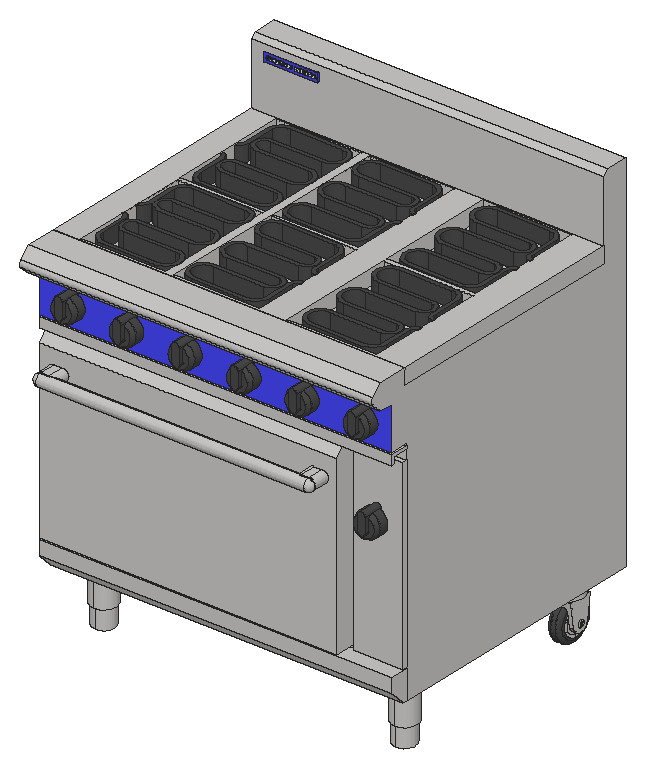
Revit family "QF_MOFFAT_BLUESEAL_CE_E506D", category Specialty Equipment, Revit 2012
Parameters
  Width = 900 mm  # constant formula
  Weight in Pounds = 429  # constant formula
  Watts = 20900 W
  Volts = 400 V
  URL Cutsheet = "www.moffat.com"
  URL = "www.moffat.com"
  Type Mark [instance] = ""
  Status [instance] = ""
  Specification by User [instance] = ""
  Specification by Manufacturer = ""
  Show Logo [instance] = yes
  Show Clearance [instance] = yes
  Show Casters [instance] = yes
  Serial Number = ""
  Seismic Rating = ""
  SMACNA No = ""
  Revision Code [instance] = ""
  Phase = 3
  Omniclass Number and Title = ""
  Number of Poles [instance] = 1
  NAFEM Spec ID Number = ""
  Model = "E506D"
  Min Ckt Ampacity = 0 A
  Max Overcurrent Protection = 0 A
  Masterspec = ""
  Manufacturer = "MOFFAT BLUESEAL"
  Legs [instance] = not(Show Casters)  # no
  Item Number [instance] = ""
  Installed By [instance] = ""
  Identify Quantity as Lot [instance] = yes
  Height = 970 mm  # constant formula
  HP = ""
  Furnished By [instance] = ""
  Foodservice Equipment Identifier [instance] = yes
  FL Amps = 20.9 A
  Electrical Remarks = "29.3A PER PHASE"
  Electric Connection Type = ""
  Elec Conn RI Height = 0 mm
  Elec Conn Connection Height = 0 mm
  Description = "900MM ELECTRIC RANGE WITH STATIC OVEN"
  Depth = 812 mm  # constant formula
  Cycle = 50 Hz
  Conn Plug = ""
  Conn Conduit = yes
  CSI MasterFormat = ""
  CSI Master Format = ""
  Body Finish = QF_Finishes_Stainless Steel
  Apparent Power = 0 VA
Reference planes
  plane 1 "BACK": y = 0
  plane 2: z = 0
  plane 3 "LEFT": x = 0
  plane 4 "RIGHT": x = 900
  plane 5 "FRONT": y = -812
  plane 6 "TOP": z = 970
  plane 7 "Center Y": x = 450
  plane 8 "Center X": y = -406
  plane 9: x = 280
  plane 10: y = -574.272
  plane 11: y = -304.972
  plane 12: y = -364.972
  plane 13: y = -812
  plane 14: x = 834.5
  plane 15: y = -32
  plane 16: z = 655
  plane 17: y = -100
  plane 18: z = 1085
  plane 19: y = -705
Forms (mm)
  Extrusion 1, solid, material "QF_Finishes_Stainless Steel" <- "Body Finish"
    sketch origin (0, 0, 0) x (0, 1, 0) y (0, 0, 1)
      loop
        line (0, 150) -> (0, 1085) -> (-57.5, 1085) -> (-70, 1072.5) -> (-70, 875) -> (-705, 875) -> (-705, 915) -> (-783.97, 915) -> (-808.476, 890.494)
        arc (-808.476, 890.494) -> (-811.994, 882) -> (-808.476, 873.506) r 12.013
        line (-808.476, 873.506) -> (-784.97, 850) -> (-749, 850) -> (-749, 740) -> (-699, 740) -> (-699, 150) -> (0, 150)
    from 0 to 900
  Extrusion 2, solid, material "QF_Finishes_Stainless Steel"
    sketch origin (0, 7, 0) x (0, 1, 0) y (0, 0, 1)
      loop
        line (-706, 700) -> (-732, 700) -> (-756, 676) -> (-756, 227.5) -> (-706, 227.5) -> (-706, 700)
    from 0 to 760
  Extrusion 3, solid, material "QF_Finishes_Stainless Steel"
    sketch origin (723.5, 7, 0) x (0, 1, 0) y (0, 0, 1)
      loop
        line (-706, 700) -> (-721, 700) -> (-721, 227.5) -> (-706, 227.5) -> (-706, 700)
    from 51.5 to 176.5
  Revolve 4, solid, material "QF_Finishes_Stainless Steel" <- "Body Finish"
    sketch origin (834.5, -696.126, 0) x (0, 1, 0) y (0, 0, -1)
      loop
        line (39.376, -150) -> (71.126, -150) -> (71.126, 0) -> (43.626, 0) -> (43.626, -50) -> (39.376, -50) -> (39.376, -150)
      axis (71.126, -150) -> (71.126, 0)
    angle from 0 to 360
  Revolve 5, solid, material "QF_Finishes_Stainless Steel" <- "Body Finish"
    sketch origin (65.5, -696.126, 0) x (0, 1, 0) y (0, 0, 1)
      loop
        line (39.376, 150) -> (39.376, 50) -> (43.626, 50) -> (43.626, 0) -> (71.126, 0) -> (71.126, 150) -> (39.376, 150)
      axis (71.126, 150) -> (71.126, 0)
    angle from 0 to 360
  Extrusion 6, solid, material "QF_Finishes_Stainless Steel"
    sketch origin (-64.5, 0, 325) x (1, 0, 0) y (0, 1, 0)
      loop
        circle (834.5, -32) r 10
    from 330 to 371
  Revolve 7, solid, material "QF_Finishes_Black"
    sketch origin (839.351, 45.874, -0.118) x (0, 1, 0) y (0, 0, 1)
      loop
        line (-827.874, 829.5) -> (-838.874, 823.651) -> (-838.874, 797) -> (-794.874, 797) -> (-794.874, 802) -> (-804.874, 802) -> (-804.874, 829.5) -> (-827.874, 829.5)
      axis (-838.874, 797) -> (-794.874, 797)
    angle from 0 to 360
  Revolve 8, solid, material "QF_Finishes_Black"
    sketch origin (689.351, 45.874, -0.118) x (0, 1, 0) y (0, 0, 1)
      loop
        line (-827.874, 829.5) -> (-838.874, 823.651) -> (-838.874, 797) -> (-794.874, 797) -> (-794.874, 802) -> (-804.874, 802) -> (-804.874, 829.5) -> (-827.874, 829.5)
      axis (-838.874, 797) -> (-794.874, 797)
    angle from 0 to 360
  Revolve 9, solid, material "QF_Finishes_Black"
    sketch origin (90.649, 45.874, -0.118) x (0, 1, 0) y (0, 0, -1)
      loop
        line (-827.874, -829.5) -> (-804.874, -829.5) -> (-804.874, -802) -> (-794.874, -802) -> (-794.874, -797) -> (-838.874, -797) -> (-838.874, -823.651) -> (-827.874, -829.5)
      axis (-838.874, -797) -> (-794.874, -797)
    angle from 0 to 360
  Revolve 10, solid, material "QF_Finishes_Black"
    sketch origin (240.649, 45.874, -0.118) x (0, 1, 0) y (0, 0, -1)
      loop
        line (-827.874, -829.5) -> (-804.874, -829.5) -> (-804.874, -802) -> (-794.874, -802) -> (-794.874, -797) -> (-838.874, -797) -> (-838.874, -823.651) -> (-827.874, -829.5)
      axis (-838.874, -797) -> (-794.874, -797)
    angle from 0 to 360
  Revolve 11, solid, material "QF_Finishes_Black"
    sketch origin (390.625, 45.874, -0.118) x (0, 1, 0) y (0, 0, -1)
      loop
        line (-827.874, -829.5) -> (-804.874, -829.5) -> (-804.874, -802) -> (-794.874, -802) -> (-794.874, -797) -> (-838.874, -797) -> (-838.874, -823.651) -> (-827.874, -829.5)
      axis (-838.874, -797) -> (-794.874, -797)
    angle from 0 to 360
  Extrusion 12, solid, material "QF_Finishes_Black"
    sketch origin (238.456, 7, -0.118) x (-1, 0, 0) y (0, 0, -1)
      loop
        arc (158.3, -789) -> (148.3, -779) -> (138.3, -789) r 10
        line (138.3, -789) -> (138.3, -824)
        arc (138.3, -824) -> (148.3, -834) -> (158.3, -824) r 10
        line (158.3, -824) -> (158.3, -789)
    from 759 to 808
  Extrusion 13, solid, material "QF_Finishes_Black"
    sketch origin (388.456, 7, -0.118) x (-1, 0, 0) y (0, 0, -1)
      loop
        arc (158.3, -789) -> (148.3, -779) -> (138.3, -789) r 10
        line (138.3, -789) -> (138.3, -824)
        arc (138.3, -824) -> (148.3, -834) -> (158.3, -824) r 10
        line (158.3, -824) -> (158.3, -789)
    from 759 to 808
  Extrusion 14, solid, material "QF_Finishes_Black"
    sketch origin (691.544, 7, -0.118) x (1, 0, 0) y (0, 0, 1)
      loop
        line (158.3, 789) -> (158.3, 824)
        arc (158.3, 824) -> (148.3, 834) -> (138.3, 824) r 10
        line (138.3, 824) -> (138.3, 789)
        arc (138.3, 789) -> (148.3, 779) -> (158.3, 789) r 10
    from 759 to 808
  Extrusion 15, solid, material "QF_Finishes_Black"
    sketch origin (541.544, 7, -0.118) x (1, 0, 0) y (0, 0, 1)
      loop
        line (158.3, 789) -> (158.3, 824)
        arc (158.3, 824) -> (148.3, 834) -> (138.3, 824) r 10
        line (138.3, 824) -> (138.3, 789)
        arc (138.3, 789) -> (148.3, 779) -> (158.3, 789) r 10
    from 759 to 808
  Extrusion 16, solid, material "QF_Finishes_Black"
    sketch origin (538.432, 7, -0.118) x (-1, 0, 0) y (0, 0, -1)
      loop
        arc (158.3, -789) -> (148.3, -779) -> (138.3, -789) r 10
        line (138.3, -789) -> (138.3, -824)
        arc (138.3, -824) -> (148.3, -834) -> (158.3, -824) r 10
        line (158.3, -824) -> (158.3, -789)
    from 759 to 808
  Extrusion 17, solid, material "QF_Finishes_Black"
    sketch origin (688.432, 7, -0.118) x (-1, 0, 0) y (0, 0, -1)
      loop
        arc (158.3, -789) -> (148.3, -779) -> (138.3, -789) r 10
        line (138.3, -789) -> (138.3, -824)
        arc (138.3, -824) -> (148.3, -834) -> (158.3, -824) r 10
        line (158.3, -824) -> (158.3, -789)
    from 759 to 808
  Revolve 18, solid, material "QF_Finishes_Black"
    sketch origin (836.851, 80.874, -245.743) x (0, 1, 0) y (0, 0, 1)
      loop
        line (-827.874, 829.5) -> (-838.874, 823.651) -> (-838.874, 797) -> (-794.874, 797) -> (-794.874, 802) -> (-804.874, 802) -> (-804.874, 829.5) -> (-827.874, 829.5)
      axis (-838.874, 797) -> (-794.874, 797)
    angle from 0 to 360
  Extrusion 19, solid, material "QF_Finishes_Black"
    sketch origin (689.044, 42, -245.743) x (1, 0, 0) y (0, 0, 1)
      loop
        line (158.3, 789) -> (158.3, 824)
        arc (158.3, 824) -> (148.3, 834) -> (138.3, 824) r 10
        line (138.3, 824) -> (138.3, 789)
        arc (138.3, 789) -> (148.3, 779) -> (158.3, 789) r 10
    from 759 to 808
  Extrusion 20, solid, material "QF_Door-Drawer Clearances", visible <- "Show Clearance", detail levels coarse
    sketch origin (0, 7, 0) x (0, -1, 0) y (0, 0, 1)
      loop
        line (756, 697.347) -> (756, 227.5) -> (1225.847, 227.5)
        arc (1225.847, 227.5) -> (1088.232, 559.732) -> (756, 697.347) r 469.847
    from 0 to -760
  Extrusion 21, void
    sketch origin (0, 0, 220) x (1, 0, 0) y (0, 1, 0)
      loop
        line (824, -87) -> (824, 0) -> (694, 0) -> (694, -39) -> (744, -87) -> (824, -87)
    from 0 to 476
  Revolve 22, solid, material "QF_Finishes_Black"
    sketch origin (540.625, 45.874, -0.118) x (0, 1, 0) y (0, 0, -1)
      loop
        line (-827.874, -829.5) -> (-804.874, -829.5) -> (-804.874, -802) -> (-794.874, -802) -> (-794.874, -797) -> (-838.874, -797) -> (-838.874, -823.651) -> (-827.874, -829.5)
      axis (-838.874, -797) -> (-794.874, -797)
    angle from 0 to 360
  Extrusion 23, solid, material "QF_Finishes_Stainless Steel"
    sketch origin (0, -749, 227.5) x (0, 0, 1) y (-1, 0, 0)
      loop
        line (380.625, -38.246) -> (380.625, -58.528)
        arc (380.625, -58.528) -> (395.625, -73.528) -> (410.625, -58.528) r 15
        line (410.625, -58.528) -> (410.625, -38.246)
        arc (410.625, -38.246) -> (395.625, -23.246) -> (380.625, -38.246) r 15
      loop
        arc (380.625, -723.039) -> (395.625, -738.039) -> (410.625, -723.039) r 15
        line (410.625, -723.039) -> (410.625, -702.757)
        arc (410.625, -702.757) -> (395.625, -687.757) -> (380.625, -702.757) r 15
        line (380.625, -702.757) -> (380.625, -723.039)
    from 0 to 44
  Revolve 24, solid, material "QF_Finishes_Stainless Steel"
    sketch origin (0, -793, 0) x (1, 0, 0) y (0, 0, 1)
      loop
        arc (738.039, 623.125) -> (733.646, 633.732) -> (723.039, 638.125) r 15
        line (723.039, 638.125) -> (38.246, 638.125)
        arc (38.246, 638.125) -> (27.64, 633.732) -> (23.246, 623.125) r 15
        line (23.246, 623.125) -> (738.039, 623.125)
      axis (738.039, 623.125) -> (23.246, 623.125)
    angle from 0 to 360
  Extrusion 25, solid, material "QF_Finishes_Stainless Steel" <- "Body Finish"
    sketch origin (0, 7, 0) x (0, 1, 0) y (0, 0, 1)
      loop
        line (-756, 710) -> (-747.224, 710) -> (-749.613, 726.999) -> (-707.93, 726.999) -> (-707.93, 734.003) -> (-756, 734.003) -> (-756, 710)
    from 0 to 900
  Extrusion 26, solid, material "QF_Finishes_Stainless Steel" <- "Body Finish"
    sketch origin (0, 4.73, 0) x (0, 1, 0) y (0, 0, 1)
      loop
        line (-753.73, 222.5) -> (-753.73, 186) -> (-717.73, 150) -> (-703.73, 150) -> (-703.73, 222.5) -> (-753.73, 222.5)
    from 0 to 900
  Extrusion 27, solid, material "QF_Finishes_Stainless Steel", visible <- "Show Casters"
    sketch origin (71.501, 133.353, -8.783) x (0, 1, 0) y (0, 0, 1)
      loop
        line (-201.603, 118.783) -> (-265.103, 118.783) -> (-252.746, 53.895)
        arc (-252.746, 53.895) -> (-233.353, 38.783) -> (-213.959, 53.895) r 20
        line (-213.959, 53.895) -> (-201.603, 118.783)
    from -35.667 to 22.923
  Revolve 28, solid, material "QF_Finishes_Stainless Steel", visible <- "Show Casters"
    sketch origin (65, -203, 0) x (0, 1, 0) y (0, 0, 1)
      loop
        line (67.25, 150) -> (67.25, 110) -> (103, 110) -> (103, 150) -> (67.25, 150)
      axis (103, 150) -> (103, 110)
    angle from 0 to 360
  Revolve 29, solid, material "QF_Finishes_Stainless Steel", visible <- "Show Casters"
    sketch origin (834.5, -203, 0) x (0, 1, 0) y (0, 0, -1)
      loop
        line (67.25, -150) -> (103, -150) -> (103, -110) -> (67.25, -110) -> (67.25, -150)
      axis (103, -150) -> (103, -110)
    angle from 0 to 360
  Revolve 30, solid, material "QF_Finishes_Stainless Steel", visible <- "Show Casters"
    sketch origin (785.276, -99.755, -13.653) x (1, 0, 0) y (0, 0, 1)
      loop
        line (14.841, 64.453) -> (83.584, 64.453) -> (83.584, 67.958) -> (82.314, 69.228) -> (80.79, 69.228) -> (80.79, 72.674) -> (68.644, 72.674) -> (68.644, 82.639) -> (65.088, 84.692) -> (63.738, 93.028) -> (65.881, 93.028) -> (65.881, 99.378) -> (65.088, 99.378) -> (65.088, 105.728)
        arc (65.088, 105.728) -> (62.298, 112.463) -> (55.563, 115.253) r 9.525
        line (55.563, 115.253) -> (42.863, 115.253)
        arc (42.863, 115.253) -> (36.127, 112.463) -> (33.338, 105.728) r 9.525
        line (33.338, 105.728) -> (33.338, 99.378) -> (32.544, 99.378) -> (32.544, 93.028) -> (34.687, 93.028) -> (33.352, 84.781) -> (29.782, 82.719) -> (29.782, 72.674) -> (17.635, 72.674) -> (17.635, 69.228) -> (16.111, 69.228) -> (14.841, 67.958) -> (14.841, 64.453)
      axis (14.841, 64.453) -> (83.584, 64.453)
    angle from 0 to 360
  Extrusion 31, solid, material "QF_Finishes_Stainless Steel", visible <- "Show Casters"
    sketch origin (841.001, 133.353, -8.783) x (0, 1, 0) y (0, 0, 1)
      loop
        line (-201.603, 118.783) -> (-265.103, 118.783) -> (-252.746, 53.895)
        arc (-252.746, 53.895) -> (-233.353, 38.783) -> (-213.959, 53.895) r 20
        line (-213.959, 53.895) -> (-201.603, 118.783)
    from -35.667 to 22.923
  Revolve 32, solid, material "QF_Finishes_Stainless Steel", visible <- "Legs"
    sketch origin (65, -165, 0) x (0, 1, 0) y (0, 0, 1)
      loop
        line (33.25, 150) -> (33.25, 50) -> (37.5, 50) -> (37.5, 0) -> (65, 0) -> (65, 150) -> (33.25, 150)
      axis (65, 150) -> (65, 0)
    angle from 0 to 360
  Revolve 33, solid, material "QF_Finishes_Stainless Steel", visible <- "Legs"
    sketch origin (834.5, -165, 0) x (0, 1, 0) y (0, 0, -1)
      loop
        line (33.25, -150) -> (65, -150) -> (65, 0) -> (37.5, 0) -> (37.5, -50) -> (33.25, -50) -> (33.25, -150)
      axis (65, -150) -> (65, 0)
    angle from 0 to 360
  Revolve 34, solid, material "QF_Finishes_Stainless Steel", visible <- "Show Casters"
    sketch origin (114.224, -99.755, -13.653) x (-1, 0, 0) y (0, 0, -1)
      loop
        line (14.841, -64.453) -> (14.841, -67.958) -> (16.111, -69.228) -> (17.635, -69.228) -> (17.635, -72.674) -> (29.782, -72.674) -> (29.782, -82.719) -> (33.352, -84.781) -> (34.687, -93.028) -> (32.544, -93.028) -> (32.544, -99.378) -> (33.338, -99.378) -> (33.338, -105.728)
        arc (33.338, -105.728) -> (36.127, -112.463) -> (42.863, -115.253) r 9.525
        line (42.863, -115.253) -> (55.563, -115.253)
        arc (55.563, -115.253) -> (62.298, -112.463) -> (65.088, -105.728) r 9.525
        line (65.088, -105.728) -> (65.088, -99.378) -> (65.881, -99.378) -> (65.881, -93.028) -> (63.738, -93.028) -> (65.088, -84.692) -> (68.644, -82.639) -> (68.644, -72.674) -> (80.79, -72.674) -> (80.79, -69.228) -> (82.314, -69.228) -> (83.584, -67.958) -> (83.584, -64.453) -> (14.841, -64.453)
      axis (14.841, -64.453) -> (83.584, -64.453)
    angle from 0 to 360
  Extrusion 35, solid, material "QF_Finishes_Stainless Steel"
    sketch origin (0, 0, 0) x (1, 0, 0) y (0, 1, 0)
      loop
        circle (826, -501) r 6.35
    from 150 to 147.817
Cuts and joins
  Extrusion 21 cuts Extrusion 1
Lines and regions (mm)
  Split face 1
    outline origin (900, 0, 1085) x (-1, 0, 0) y (0, -1, 0)
      loop
        arc (867.206, 18.385) -> (875.866, 23.385) -> (875.866, 33.385) r 10
        line (875.866, 33.385) -> (871.824, 40.385)
        arc (871.824, 40.385) -> (868.164, 44.045) -> (863.164, 45.385) r 10
        line (863.164, 45.385) -> (635.206, 45.385)
        arc (635.206, 45.385) -> (626.545, 40.385) -> (626.545, 30.385) r 10
        line (626.545, 30.385) -> (630.587, 23.385)
        arc (630.587, 23.385) -> (634.247, 19.725) -> (639.247, 18.385) r 10
        line (639.247, 18.385) -> (867.206, 18.385)
  Split face 2
    outline origin (900, 0, 1085) x (-1, 0, 0) y (0, -1, 0)
      loop
        arc (567.206, 18.385) -> (575.866, 23.385) -> (575.866, 33.385) r 10
        line (575.866, 33.385) -> (571.824, 40.385)
        arc (571.824, 40.385) -> (568.164, 44.045) -> (563.164, 45.385) r 10
        line (563.164, 45.385) -> (335.206, 45.385)
        arc (335.206, 45.385) -> (326.545, 40.385) -> (326.545, 30.385) r 10
        line (326.545, 30.385) -> (330.587, 23.385)
        arc (330.587, 23.385) -> (334.247, 19.725) -> (339.247, 18.385) r 10
        line (339.247, 18.385) -> (567.206, 18.385)
  Split face 3
    outline origin (900, 0, 1085) x (-1, 0, 0) y (0, -1, 0)
      loop
        arc (35.206, 45.385) -> (26.545, 40.385) -> (26.545, 30.385) r 10
        line (26.545, 30.385) -> (30.587, 23.385)
        arc (30.587, 23.385) -> (34.247, 19.725) -> (39.247, 18.385) r 10
        line (39.247, 18.385) -> (267.206, 18.385)
        arc (267.206, 18.385) -> (275.866, 23.385) -> (275.866, 33.385) r 10
        line (275.866, 33.385) -> (271.824, 40.385)
        arc (271.824, 40.385) -> (268.164, 44.045) -> (263.164, 45.385) r 10
        line (263.164, 45.385) -> (35.206, 45.385)
  symbolic lines
    curve 1: line (0, 0, 0) -> (0, -812, 0)
    curve 2: line (900, 0, 0) -> (0, 0, 0)
    curve 3: line (900, -812, 0) -> (900, 0, 0)
    curve 4: line (0, -70, 0) -> (900, -70, 0)
    curve 5: line (900, -812, 0) -> (0, -812, 0)
    curve 6: line (900, -705, 0) -> (0, -705, 0)
    curve 7: arc (22.65, -812, 0) -> (34.104, -822.278, 0) -> (48.889, -826.544, 0) r 34.455
    curve 8: line (48.889, -826.544, 0) -> (721.858, -826.544, 0)
    curve 9: arc (721.858, -826.544, 0) -> (736.403, -822.647, 0) -> (747.05, -812, 0) r 29.089
    curve 13: line (32.794, -18.385, 0) -> (260.753, -18.385, 0)
    curve 14: arc (260.753, -18.385, 0) -> (265.753, -19.725, 0) -> (269.413, -23.385, 0) r 10
    curve 15: line (269.413, -23.385, 0) -> (273.455, -30.385, 0)
    curve 16: arc (273.455, -30.385, 0) -> (273.455, -40.385, 0) -> (264.794, -45.385, 0) r 10
    curve 17: line (264.794, -45.385, 0) -> (36.836, -45.385, 0)
    curve 18: arc (36.836, -45.385, 0) -> (31.836, -44.045, 0) -> (28.176, -40.385, 0) r 10
    curve 19: line (28.176, -40.385, 0) -> (24.134, -33.385, 0)
    curve 20: arc (24.134, -33.385, 0) -> (24.134, -23.385, 0) -> (32.794, -18.385, 0) r 10
    curve 21: line (560.753, -18.385, 0) -> (332.794, -18.385, 0)
    curve 22: arc (332.794, -18.385, 0) -> (324.134, -23.385, 0) -> (324.134, -33.385, 0) r 10
    curve 23: line (324.134, -33.385, 0) -> (328.176, -40.385, 0)
    curve 24: arc (328.176, -40.385, 0) -> (331.836, -44.045, 0) -> (336.836, -45.385, 0) r 10
    curve 25: line (336.836, -45.385, 0) -> (564.794, -45.385, 0)
    curve 26: arc (564.794, -45.385, 0) -> (573.455, -40.385, 0) -> (573.455, -30.385, 0) r 10
    curve 27: line (573.455, -30.385, 0) -> (569.413, -23.385, 0)
    curve 28: arc (569.413, -23.385, 0) -> (565.753, -19.725, 0) -> (560.753, -18.385, 0) r 10
    curve 29: line (632.794, -18.385, 0) -> (860.753, -18.385, 0)
    curve 30: arc (860.753, -18.385, 0) -> (865.753, -19.725, 0) -> (869.413, -23.385, 0) r 10
    curve 31: line (869.413, -23.385, 0) -> (873.455, -30.385, 0)
    curve 32: arc (873.455, -30.385, 0) -> (873.455, -40.385, 0) -> (864.794, -45.385, 0) r 10
    curve 33: line (864.794, -45.385, 0) -> (636.836, -45.385, 0)
    curve 34: arc (636.836, -45.385, 0) -> (631.836, -44.045, 0) -> (628.176, -40.385, 0) r 10
    curve 35: line (628.176, -40.385, 0) -> (624.134, -33.385, 0)
    curve 36: arc (624.134, -33.385, 0) -> (624.134, -23.385, 0) -> (632.794, -18.385, 0) r 10
    curve 37: line (0, -783.97, 0) -> (900, -783.97, 0)
    curve 38: line (0, -57.5, 0) -> (900, -57.5, 0)
  symbolic lines, style "QF_Door-Drawer Clearances"
    curve 10: line (0, -1218.847, 0) -> (0, -812, 0)
    curve 11: line (0, -1218.847, 0) -> (760, -1218.847, 0)
    curve 12: line (760, -1218.847, 0) -> (760, -812, 0)
  symbolic lines, style "SpecialityEquipmentHiddenLines", visible <- "Show Casters"
    curve 39: line (106.952, -62.61, 0) -> (56.152, -150.598, 0)
    curve 40: line (79.456, -46.735, 0) -> (106.952, -62.61, 0)
    curve 41: line (28.656, -134.723, 0) -> (79.456, -46.735, 0)
    curve 42: line (56.152, -150.598, 0) -> (28.656, -134.723, 0)
    curve 43: line (866.952, -62.61, 0) -> (816.152, -150.598, 0)
    curve 44: line (839.456, -46.735, 0) -> (866.952, -62.61, 0)
    curve 45: line (788.656, -134.723, 0) -> (839.456, -46.735, 0)
    curve 46: line (816.152, -150.598, 0) -> (788.656, -134.723, 0)
Dimensions and locks
  equal spacing: plane 3 "LEFT", plane 7 "Center Y", plane 4 "RIGHT"
  "Width": plane 3 "LEFT" to plane 4 "RIGHT"
  equal spacing: plane 5 "FRONT", plane 8 "Center X", plane 1 "BACK"
  plane 5 "FRONT" to plane 1 "BACK" = 812 mm  (x2)
  equal spacing: plane 4 "RIGHT", plane 7 "Center Y", plane 3 "LEFT"
  plane 4 "RIGHT" to plane 3 "LEFT" = 900 mm
  "Height": plane 6 "TOP" to level
  plane 10 to plane 1 "BACK" = 574.272 mm
  plane 11 to plane 1 "BACK" = 304.972 mm  (x2)
  plane 9 to plane 3 "LEFT" = 280 mm
  "Depth": plane 1 "BACK" to plane 13
  plane 13 to plane 5 "FRONT" = 0 mm
  plane 6 "TOP" to plane 2 = 970 mm
  plane 2 to Extrusion 1 sketch curve = 875 mm
  locked: plane 2 to Extrusion 1 sketch curve at 915
  Revolve 30 sketch curve to Revolve 30 sketch curve = 50.8 mm
  Revolve 34 sketch curve to Revolve 34 sketch curve = 50.8 mm
  plane 18 to level = 1085 mm
  Extrusion 35 sketch curve to plane 1 "BACK" = 501 mm
  Extrusion 35 sketch curve to plane 4 "RIGHT" = 74 mm
  aligned and locked: level to plane 2
  aligned and locked: curve 3 to plane 4 "RIGHT"
Automatic sketch dimensions
  Extrusion 1 sketch curve to plane 19 = 0 mm
  Extrusion 1 sketch curve to plane 18 = 0 mm
  Extrusion 1 sketch curve to plane 1 "BACK" = 0 mm
  plane 19 to Extrusion 1 sketch curve = 44 mm
  Extrusion 1 sketch curve to plane 5 "FRONT" = 28.03 mm
  Extrusion 1 sketch curve to plane 5 "FRONT" = 27.03 mm
  Extrusion 1 sketch curve to plane 5 "FRONT" = 12.018 mm
  Extrusion 1 sketch curve to plane 5 "FRONT" = 3.524 mm  (x2)
  Extrusion 1 sketch curve to plane 19 = 6 mm
  Extrusion 1 sketch curve to plane 18 = 12.5 mm
  plane 17 to Extrusion 1 sketch curve = 30 mm
  Extrusion 1 sketch curve to Extrusion 1 sketch curve = 12.5 mm
  Extrusion 1 sketch curve to Extrusion 1 sketch curve = 41.494 mm
  Extrusion 1 sketch curve to Extrusion 1 sketch curve = 25 mm
  plane 16 to Extrusion 1 sketch curve = 85 mm
  level to Extrusion 1 sketch curve = 150 mm
  Extrusion 1 sketch curve to Extrusion 1 sketch curve = 8.494 mm
  plane 19 to Extrusion 2 sketch curve = 20 mm
  Extrusion 2 sketch curve to plane 19 = 6 mm
  level to Extrusion 2 sketch curve = 227.5 mm
  plane 19 to Extrusion 3 sketch curve = 9 mm
  Extrusion 3 sketch curve to plane 19 = 6 mm
  level to Extrusion 3 sketch curve = 227.5 mm
  plane 16 to Extrusion 3 sketch curve = 45 mm
  Revolve 4 sketch curve to level = 0 mm
  Revolve 4 sketch curve to plane 19 = 48.25 mm
  Revolve 4 sketch curve to Revolve 4 sketch curve = 4.25 mm
  Revolve 4 sketch curve to Revolve 4 sketch curve = 27.5 mm  (x2)
  level to Revolve 4 sketch curve = 50 mm
  Revolve 4 sketch curve to Revolve 4 sketch curve = 0 mm
  Revolve 4 sketch curve to Revolve 4 sketch curve = 100 mm
  Revolve 4 sketch curve to Revolve 4 sketch curve = 55 mm
  Revolve 5 sketch curve to level = 0 mm
  Revolve 5 sketch curve to plane 19 = 48.25 mm
  Revolve 5 sketch curve to Revolve 5 sketch curve = 4.25 mm
  Revolve 5 sketch curve to Revolve 5 sketch curve = 27.5 mm  (x2)
  Revolve 5 sketch curve to level = 55 mm
  Revolve 5 sketch curve to Revolve 5 sketch curve = 50 mm
  Revolve 5 sketch curve to Revolve 5 sketch curve = 0 mm
  Revolve 5 sketch curve to Revolve 5 sketch curve = 100 mm
  Extrusion 6 sketch curve to plane 15 = 0 mm
  Extrusion 6 sketch curve to plane 14 = 64.5 mm
  Revolve 7 sketch curve to plane 5 "FRONT" = 19 mm
  Revolve 7 sketch curve to Revolve 7 sketch curve = 0 mm  (x2)
  Revolve 7 sketch curve to Revolve 7 sketch curve = 11 mm
  Revolve 7 sketch curve to Revolve 7 sketch curve = 12.7 mm
  Revolve 7 sketch curve to Revolve 7 sketch curve = 23 mm
  Revolve 7 sketch curve to Revolve 7 sketch curve = 10 mm
  plane 16 to Revolve 7 sketch curve = 141.882 mm
  Revolve 7 sketch curve to Revolve 7 sketch curve = 5 mm
  Revolve 7 sketch curve to Revolve 7 sketch curve = 26.651 mm
  Revolve 7 sketch curve to Revolve 7 sketch curve = 5.849 mm
  Revolve 8 sketch curve to plane 5 "FRONT" = 19 mm
  Revolve 8 sketch curve to Revolve 8 sketch curve = 0 mm  (x2)
  Revolve 8 sketch curve to Revolve 8 sketch curve = 11 mm
  Revolve 8 sketch curve to Revolve 8 sketch curve = 12.7 mm
  Revolve 8 sketch curve to Revolve 8 sketch curve = 23 mm
  Revolve 8 sketch curve to Revolve 8 sketch curve = 10 mm
  plane 16 to Revolve 8 sketch curve = 141.882 mm
  Revolve 8 sketch curve to Revolve 8 sketch curve = 5 mm
  Revolve 8 sketch curve to Revolve 8 sketch curve = 26.651 mm
  Revolve 8 sketch curve to Revolve 8 sketch curve = 5.849 mm
  Revolve 9 sketch curve to plane 5 "FRONT" = 19 mm
  Revolve 9 sketch curve to Revolve 9 sketch curve = 0 mm  (x2)
  Revolve 9 sketch curve to Revolve 9 sketch curve = 11 mm
  Revolve 9 sketch curve to Revolve 9 sketch curve = 12.7 mm
  Revolve 9 sketch curve to Revolve 9 sketch curve = 23 mm
  Revolve 9 sketch curve to Revolve 9 sketch curve = 10 mm
  Revolve 9 sketch curve to plane 6 "TOP" = 140.618 mm
  Revolve 9 sketch curve to Revolve 9 sketch curve = 5.849 mm
  Revolve 9 sketch curve to Revolve 9 sketch curve = 27.5 mm
  Revolve 9 sketch curve to Revolve 9 sketch curve = 5 mm
  Revolve 10 sketch curve to plane 5 "FRONT" = 19 mm
  Revolve 10 sketch curve to Revolve 10 sketch curve = 0 mm  (x2)
  Revolve 10 sketch curve to Revolve 10 sketch curve = 11 mm
  Revolve 10 sketch curve to Revolve 10 sketch curve = 12.7 mm
  Revolve 10 sketch curve to Revolve 10 sketch curve = 23 mm
  Revolve 10 sketch curve to Revolve 10 sketch curve = 10 mm
  Revolve 10 sketch curve to plane 6 "TOP" = 140.618 mm
  Revolve 10 sketch curve to Revolve 10 sketch curve = 5.849 mm
  Revolve 10 sketch curve to Revolve 10 sketch curve = 27.5 mm
  Revolve 10 sketch curve to Revolve 10 sketch curve = 5 mm
  Revolve 11 sketch curve to plane 5 "FRONT" = 19 mm
  Revolve 11 sketch curve to Revolve 11 sketch curve = 0 mm  (x2)
  Revolve 11 sketch curve to Revolve 11 sketch curve = 11 mm
  Revolve 11 sketch curve to Revolve 11 sketch curve = 12.7 mm
  Revolve 11 sketch curve to Revolve 11 sketch curve = 23 mm
  Revolve 11 sketch curve to Revolve 11 sketch curve = 10 mm
  Revolve 11 sketch curve to plane 6 "TOP" = 140.618 mm
  Revolve 11 sketch curve to Revolve 11 sketch curve = 5.849 mm
  Revolve 11 sketch curve to Revolve 11 sketch curve = 27.5 mm
  Revolve 11 sketch curve to Revolve 11 sketch curve = 5 mm
  Extrusion 12 sketch curve to Extrusion 12 sketch curve = 10 mm
  Extrusion 12 sketch curve to plane 6 "TOP" = 146.118 mm
  Extrusion 12 sketch curve to Extrusion 12 sketch curve = 35 mm
  Extrusion 13 sketch curve to plane 9 = 29.844 mm
  Extrusion 13 sketch curve to Extrusion 13 sketch curve = 10 mm
  Extrusion 13 sketch curve to plane 6 "TOP" = 146.118 mm
  Extrusion 13 sketch curve to Extrusion 13 sketch curve = 35 mm
  Extrusion 14 sketch curve to plane 14 = 4.656 mm
  plane 14 to Extrusion 14 sketch curve = 5.344 mm
  plane 16 to Extrusion 14 sketch curve = 133.882 mm
  Extrusion 14 sketch curve to Extrusion 14 sketch curve = 35 mm
  Extrusion 15 sketch curve to plane 14 = 154.656 mm
  Extrusion 15 sketch curve to Extrusion 15 sketch curve = 10 mm
  plane 16 to Extrusion 15 sketch curve = 133.882 mm
  Extrusion 15 sketch curve to Extrusion 15 sketch curve = 35 mm
  Extrusion 16 sketch curve to plane 7 "Center Y" = 49.868 mm
  Extrusion 16 sketch curve to Extrusion 16 sketch curve = 10 mm
  Extrusion 16 sketch curve to plane 6 "TOP" = 146.118 mm
  Extrusion 16 sketch curve to Extrusion 16 sketch curve = 35 mm
  plane 7 "Center Y" to Extrusion 17 sketch curve = 100.132 mm
  Extrusion 17 sketch curve to Extrusion 17 sketch curve = 10 mm
  Extrusion 17 sketch curve to plane 6 "TOP" = 146.118 mm
  Extrusion 17 sketch curve to Extrusion 17 sketch curve = 35 mm
  Revolve 18 sketch curve to plane 5 "FRONT" = 54 mm
  Revolve 18 sketch curve to Revolve 18 sketch curve = 0 mm  (x2)
  Revolve 18 sketch curve to Revolve 18 sketch curve = 11 mm
  Revolve 18 sketch curve to Revolve 18 sketch curve = 12.7 mm
  plane 19 to Revolve 18 sketch curve = 19 mm
  plane 19 to Revolve 18 sketch curve = 9 mm
  Revolve 18 sketch curve to plane 16 = 103.743 mm
  Revolve 18 sketch curve to Revolve 18 sketch curve = 5 mm
  Revolve 18 sketch curve to Revolve 18 sketch curve = 26.651 mm
  Revolve 18 sketch curve to Revolve 18 sketch curve = 5.849 mm
  Extrusion 19 sketch curve to plane 14 = 7.156 mm
  plane 14 to Extrusion 19 sketch curve = 2.844 mm
  Extrusion 19 sketch curve to plane 16 = 111.743 mm
  Extrusion 19 sketch curve to Extrusion 19 sketch curve = 35 mm
  plane 19 to Extrusion 20 sketch curve = 44 mm
  level to Extrusion 20 sketch curve = 227.5 mm
  plane 5 "FRONT" to Extrusion 20 sketch curve = 406.847 mm
  plane 1 "BACK" to Extrusion 21 sketch curve = 0 mm
  Extrusion 21 sketch curve to plane 15 = 7 mm
  Extrusion 21 sketch curve to plane 14 = 140.5 mm
  plane 17 to Extrusion 21 sketch curve = 13 mm
  Extrusion 21 sketch curve to Extrusion 21 sketch curve = 50 mm
  Extrusion 21 sketch curve to plane 14 = 10.5 mm
  Revolve 22 sketch curve to plane 5 "FRONT" = 19 mm
  Revolve 22 sketch curve to Revolve 22 sketch curve = 0 mm  (x2)
  Revolve 22 sketch curve to Revolve 22 sketch curve = 11 mm
  Revolve 22 sketch curve to Revolve 22 sketch curve = 12.7 mm
  Revolve 22 sketch curve to Revolve 22 sketch curve = 23 mm
  Revolve 22 sketch curve to Revolve 22 sketch curve = 10 mm
  Revolve 22 sketch curve to plane 6 "TOP" = 140.618 mm
  Revolve 22 sketch curve to Revolve 22 sketch curve = 5.849 mm
  Revolve 22 sketch curve to Revolve 22 sketch curve = 27.5 mm
  Revolve 22 sketch curve to Revolve 22 sketch curve = 5 mm
  Extrusion 23 sketch curve to plane 16 = 46.875 mm  (x2)
  Extrusion 23 sketch curve to Extrusion 23 sketch curve = 15 mm  (x2)
  Extrusion 23 sketch curve to plane 14 = 131.743 mm
  Extrusion 23 sketch curve to Extrusion 23 sketch curve = 20.282 mm  (x2)
  Revolve 24 sketch curve to plane 3 "LEFT" = 6.961 mm
  plane 3 "LEFT" to Revolve 24 sketch curve = 23.246 mm
  Revolve 24 sketch curve to plane 16 = 16.875 mm
  Revolve 24 sketch curve to Revolve 24 sketch curve = 15 mm
  Revolve 24 sketch curve to plane 16 = 31.875 mm
  plane 7 "Center Y" to Revolve 24 sketch curve = 138.039 mm
  Revolve 24 sketch curve to plane 14 = 111.461 mm
  plane 19 to Extrusion 25 sketch curve = 44 mm
  Extrusion 25 sketch curve to Extrusion 25 sketch curve = 6.387 mm
  Extrusion 25 sketch curve to Extrusion 25 sketch curve = 8.776 mm
  Extrusion 25 sketch curve to plane 19 = 4.07 mm
  plane 16 to Extrusion 25 sketch curve = 55 mm
  Extrusion 25 sketch curve to Extrusion 25 sketch curve = 16.999 mm
  Extrusion 25 sketch curve to Extrusion 25 sketch curve = 7.004 mm
  plane 19 to Extrusion 26 sketch curve = 44 mm
  Extrusion 26 sketch curve to Extrusion 26 sketch curve = 36.5 mm
  Extrusion 27 sketch curve to plane 17 = 0 mm
  Extrusion 27 sketch curve to plane 17 = 19.393 mm
  Extrusion 27 sketch curve to plane 17 = 31.75 mm
  plane 17 to Extrusion 27 sketch curve = 19.393 mm
  plane 17 to Extrusion 27 sketch curve = 31.75 mm
  level to Extrusion 27 sketch curve = 45.111 mm
  Extrusion 27 sketch curve to Extrusion 27 sketch curve = 4.889 mm
  Extrusion 27 sketch curve to Extrusion 27 sketch curve = 64.889 mm
  Revolve 28 sketch curve to plane 17 = 0 mm  (x2)
  Revolve 28 sketch curve to plane 17 = 35.75 mm
  Revolve 28 sketch curve to level = 55 mm
  level to Revolve 28 sketch curve = 50 mm
  Revolve 28 sketch curve to Revolve 28 sketch curve = 60 mm
  Revolve 28 sketch curve to Revolve 28 sketch curve = 40 mm
  Revolve 29 sketch curve to plane 17 = 0 mm  (x2)
  Revolve 29 sketch curve to plane 17 = 35.75 mm
  level to Revolve 29 sketch curve = 150 mm
  Revolve 29 sketch curve to Revolve 29 sketch curve = 40 mm
  level to Revolve 29 sketch curve = 50 mm
  Revolve 29 sketch curve to level = 55 mm
  Revolve 30 sketch curve to plane 14 = 34.382 mm
  Revolve 30 sketch curve to Revolve 30 sketch curve = 1.27 mm  (x4)
  Revolve 30 sketch curve to Revolve 30 sketch curve = 1.524 mm  (x2)
  Revolve 30 sketch curve to Revolve 30 sketch curve = 12.146 mm  (x2)
  Revolve 30 sketch curve to plane 14 = 16.68 mm
  Revolve 30 sketch curve to Revolve 30 sketch curve = 0.794 mm  (x2)
  Revolve 30 sketch curve to Revolve 30 sketch curve = 3.57 mm
  Revolve 30 sketch curve to Revolve 30 sketch curve = 2.143 mm
  Revolve 30 sketch curve to plane 14 = 6.361 mm
  plane 14 to Revolve 30 sketch curve = 5.13 mm
  plane 14 to Revolve 30 sketch curve = 6.339 mm
  plane 14 to Revolve 30 sketch curve = 14.515 mm
  Revolve 30 sketch curve to Revolve 30 sketch curve = 1.349 mm  (x2)
  Revolve 30 sketch curve to Revolve 30 sketch curve = 3.556 mm
  Revolve 30 sketch curve to plane 4 "RIGHT" = 2.18 mm
  level to Revolve 30 sketch curve = 50.8 mm
  Revolve 30 sketch curve to Revolve 30 sketch curve = 0 mm
  Revolve 30 sketch curve to Revolve 30 sketch curve = 3.505 mm  (x2)
  Revolve 30 sketch curve to Revolve 30 sketch curve = 3.447 mm  (x2)
  Revolve 30 sketch curve to Revolve 30 sketch curve = 9.964 mm
  Revolve 30 sketch curve to Revolve 30 sketch curve = 10.045 mm
  Revolve 30 sketch curve to Revolve 30 sketch curve = 2.053 mm
  Revolve 30 sketch curve to Revolve 30 sketch curve = 2.061 mm
  Revolve 30 sketch curve to Revolve 30 sketch curve = 8.247 mm
  Revolve 30 sketch curve to Revolve 30 sketch curve = 8.336 mm
  Revolve 30 sketch curve to Revolve 30 sketch curve = 6.35 mm  (x2)
  Extrusion 31 sketch curve to plane 17 = 0 mm
  Extrusion 31 sketch curve to plane 17 = 19.393 mm
  Extrusion 31 sketch curve to plane 17 = 31.75 mm
  plane 17 to Extrusion 31 sketch curve = 19.393 mm
  plane 17 to Extrusion 31 sketch curve = 31.75 mm
  level to Extrusion 31 sketch curve = 45.111 mm
  Extrusion 31 sketch curve to Extrusion 31 sketch curve = 4.889 mm
  Extrusion 31 sketch curve to Extrusion 31 sketch curve = 64.889 mm
  Revolve 32 sketch curve to level = 0 mm
  Revolve 32 sketch curve to plane 17 = 0 mm  (x2)
  Revolve 32 sketch curve to Revolve 32 sketch curve = 27.5 mm
  Revolve 32 sketch curve to Revolve 32 sketch curve = 31.75 mm
  Revolve 32 sketch curve to level = 55 mm
  Revolve 32 sketch curve to Revolve 32 sketch curve = 50 mm
  Revolve 32 sketch curve to Revolve 32 sketch curve = 0 mm
  Revolve 32 sketch curve to Revolve 32 sketch curve = 100 mm
  Revolve 33 sketch curve to level = 0 mm
  Revolve 33 sketch curve to plane 17 = 0 mm  (x2)
  Revolve 33 sketch curve to Revolve 33 sketch curve = 27.5 mm
  Revolve 33 sketch curve to Revolve 33 sketch curve = 31.75 mm
  level to Revolve 33 sketch curve = 50 mm
  Revolve 33 sketch curve to Revolve 33 sketch curve = 0 mm
  Revolve 33 sketch curve to Revolve 33 sketch curve = 100 mm
  Revolve 33 sketch curve to Revolve 33 sketch curve = 55 mm
  Revolve 34 sketch curve to Revolve 34 sketch curve = 1.27 mm  (x4)
  Revolve 34 sketch curve to Revolve 34 sketch curve = 1.524 mm  (x2)
  Revolve 34 sketch curve to Revolve 34 sketch curve = 0.794 mm  (x2)
  Revolve 34 sketch curve to Revolve 34 sketch curve = 3.57 mm
  Revolve 34 sketch curve to Revolve 34 sketch curve = 2.143 mm
  Revolve 34 sketch curve to Revolve 34 sketch curve = 1.349 mm  (x2)
  Revolve 34 sketch curve to Revolve 34 sketch curve = 3.556 mm
  Revolve 34 sketch curve to Revolve 34 sketch curve = 12.146 mm  (x2)
  Revolve 34 sketch curve to plane 3 "LEFT" = 2.68 mm
  level to Revolve 34 sketch curve = 101.6 mm
  Revolve 34 sketch curve to Revolve 34 sketch curve = 6.35 mm  (x4)
  Revolve 34 sketch curve to Revolve 34 sketch curve = 8.247 mm
  Revolve 34 sketch curve to Revolve 34 sketch curve = 8.336 mm
  Revolve 34 sketch curve to Revolve 34 sketch curve = 2.061 mm
  Revolve 34 sketch curve to Revolve 34 sketch curve = 2.053 mm
  Revolve 34 sketch curve to Revolve 34 sketch curve = 10.045 mm
  Revolve 34 sketch curve to Revolve 34 sketch curve = 9.964 mm
  Revolve 34 sketch curve to Revolve 34 sketch curve = 3.447 mm  (x2)
  Revolve 34 sketch curve to Revolve 34 sketch curve = 3.505 mm
  Split face 1 sketch curve to cut or joined group of Extrusion 1, Extrusion 21 = 27.115 mm
  Split face 1 sketch curve to cut or joined group of Extrusion 1, Extrusion 21 = 626.545 mm
  Split face 1 sketch curve to Split face 1 sketch curve = 4.041 mm  (x4)
  Split face 1 sketch curve to Split face 1 sketch curve = 8.66 mm  (x2)
  Split face 1 sketch curve to cut or joined group of Extrusion 1, Extrusion 21 = 12.115 mm
  Split face 1 sketch curve to Split face 1 sketch curve = 223.917 mm
  Split face 1 sketch curve to Split face 1 sketch curve = 7 mm  (x3)
  Split face 1 sketch curve to Split face 1 sketch curve = 17 mm
  Split face 2 sketch curve to cut or joined group of Extrusion 1, Extrusion 21 = 27.115 mm
  Split face 2 sketch curve to cut or joined group of Extrusion 1, Extrusion 21 = 326.545 mm
  Split face 2 sketch curve to cut or joined group of Extrusion 1, Extrusion 21 = 23.385 mm
  Split face 2 sketch curve to Split face 2 sketch curve = 4.041 mm  (x3)
  Split face 2 sketch curve to Split face 2 sketch curve = 8.66 mm  (x3)
  Split face 2 sketch curve to cut or joined group of Extrusion 1, Extrusion 21 = 12.115 mm
  Split face 2 sketch curve to Split face 2 sketch curve = 223.917 mm
  Split face 2 sketch curve to cut or joined group of Extrusion 1, Extrusion 21 = 18.385 mm
  Split face 2 sketch curve to Split face 2 sketch curve = 10 mm
  Split face 2 sketch curve to Split face 2 sketch curve = 7 mm
  Split face 3 sketch curve to cut or joined group of Extrusion 1, Extrusion 21 = 27.115 mm
  Split face 3 sketch curve to cut or joined group of Extrusion 1, Extrusion 21 = 26.545 mm
  Split face 3 sketch curve to cut or joined group of Extrusion 1, Extrusion 21 = 23.385 mm
  Split face 3 sketch curve to Split face 3 sketch curve = 4.041 mm  (x4)
  Split face 3 sketch curve to Split face 3 sketch curve = 8.66 mm  (x2)
  Split face 3 sketch curve to cut or joined group of Extrusion 1, Extrusion 21 = 22.115 mm
  Split face 3 sketch curve to Split face 3 sketch curve = 223.917 mm
  Split face 3 sketch curve to cut or joined group of Extrusion 1, Extrusion 21 = 17.115 mm
  Split face 3 sketch curve to Split face 3 sketch curve = 17 mm
  Split face 3 sketch curve to Split face 3 sketch curve = 7 mm
  Extrusion 2 sketch curve to Extrusion 2 sketch curve = 24 mm
  plane 16 to Extrusion 2 sketch curve = 21 mm
  plane 16 to Extrusion 2 sketch curve = 45 mm
  Extrusion 26 sketch curve to plane 19 = 6 mm
  level to Extrusion 26 sketch curve = 150 mm
  Extrusion 26 sketch curve to Extrusion 26 sketch curve = 36 mm
  plane 19 to Extrusion 26 sketch curve = 8 mm
  plane 3 "LEFT" to Extrusion 12 sketch curve = 100.156 mm
  plane 3 "LEFT" to Extrusion 23 sketch curve = 58.528 mm
  plane 3 "LEFT" to Revolve 34 sketch curve = 30.64 mm
  Revolve 34 sketch curve to Revolve 34 sketch curve = 9.525 mm
  Revolve 34 sketch curve to Revolve 34 sketch curve = 14.29 mm
  Revolve 34 sketch curve to Revolve 34 sketch curve = 12.7 mm
  Revolve 34 sketch curve to Revolve 34 sketch curve = 8.176 mm
  Revolve 34 sketch curve to Revolve 34 sketch curve = 0.808 mm
  plane 1 "BACK" to curve 1 = 0 mm
  curve 1 to plane 3 "LEFT" = 0 mm
  plane 5 "FRONT" to curve 7 = 0 mm
  plane 19 to curve 6 = 0 mm
  plane 3 "LEFT" to curve 7 = 22.65 mm
  curve 20 to plane 15 = 1.385 mm
  plane 3 "LEFT" to curve 20 = 24.134 mm
  curve 19 to curve 18 = 4.041 mm
  plane 3 "LEFT" to curve 41 = 28.656 mm
  plane 15 to curve 13 = 13.615 mm
  curve 20 to curve 13 = 8.66 mm
  curve 18 to curve 17 = 8.66 mm
  plane 5 "FRONT" to curve 8 = 14.544 mm
  curve 7 to curve 8 = 26.239 mm
  curve 7 to plane 5 "FRONT" = 19.857 mm
  curve 41 to curve 42 = 27.496 mm
  curve 40 to plane 15 = 14.735 mm
  curve 18 to curve 40 = 42.62 mm
  curve 13 to plane 9 = 19.247 mm
  curve 17 to plane 9 = 15.206 mm
  plane 15 to curve 14 = 8.615 mm
  curve 14 to curve 14 = 8.66 mm
  plane 15 to curve 16 = 1.615 mm
  curve 16 to plane 9 = 6.545 mm
  curve 23 to plane 15 = 1.385 mm
  plane 9 to curve 23 = 44.134 mm
  curve 23 to curve 24 = 4.041 mm
  plane 15 to curve 22 = 3.615 mm
  curve 22 to curve 22 = 8.66 mm
  curve 24 to curve 24 = 8.66 mm
  plane 7 "Center Y" to curve 28 = 110.753 mm
  curve 28 to curve 26 = 4.041 mm
  plane 15 to curve 27 = 8.615 mm
  curve 21 to curve 27 = 8.66 mm
  plane 15 to curve 27 = 1.615 mm
  curve 27 to curve 27 = 4.041 mm
  curve 36 to plane 15 = 1.385 mm
  curve 27 to curve 36 = 50.679 mm
  curve 35 to plane 15 = 8.385 mm
  curve 35 to curve 35 = 4.041 mm
  plane 15 to curve 29 = 13.615 mm
  curve 36 to curve 29 = 8.66 mm
  curve 34 to curve 34 = 8.66 mm
  curve 8 to plane 14 = 112.642 mm
  curve 45 to plane 17 = 34.723 mm
  curve 45 to plane 14 = 45.844 mm
  curve 9 to curve 9 = 25.191 mm
  curve 43 to plane 17 = 50.598 mm
  curve 45 to curve 43 = 27.496 mm
  curve 9 to curve 12 = 12.95 mm
  curve 45 to plane 15 = 14.735 mm
  plane 14 to curve 29 = 26.253 mm
  curve 30 to curve 32 = 4.041 mm  (x2)
  plane 15 to curve 31 = 8.615 mm
  curve 29 to curve 31 = 8.66 mm
  plane 15 to curve 32 = 1.615 mm
  curve 10 to curve 8 = 392.303 mm
  curve 37 to plane 5 "FRONT" = 28.03 mm
  curve 42 to plane 17 = 50.598 mm
  plane 17 to curve 4 = 30 mm
  curve 4 to curve 38 = 12.5 mm
  curve 32 to plane 15 = 13.385 mm
  curve 18 to plane 15 = 13.385 mm
  curve 25 to plane 15 = 13.385 mm
  curve 19 to curve 19 = 7 mm
  curve 23 to curve 23 = 7 mm
  radius of Extrusion 6 sketch curve = 10 mm
  radius of Extrusion 35 sketch curve = 6.35 mm
Nested families
  nested 1: "WALDORF LOGO_FACE BASE" at (32, -70, 1056.385) x (1, 0, 0) z (0, -1, 0), visible <- "Show Logo", type "WALDORF LOGO_FACE BASE", detail levels medium+fine
    with Show Logo yes
  nested 2: "ELECTRIC BURNER 900" at (0, -70, 875), type "ELECTRIC BURNER 900"
    with Width 900 mm, Type Mark "", Status "", Specification by User "", Show Clearance yes, Revision Code "", Number of Poles 1, Mechanical Remarks "", Mechanical Connection Type "", Item Number "", Installed By "", Identify Quantity as Lot yes, Gas RI Height 0 mm, Gas KW 0, Gas Input 0.0 Btu/h, Furnished By "", Foodservice Equipment Identifier yes, Electrical Remarks "", Electric Connection Type "", Elec Conn RI Height 0 mm, Elec Conn Connection Height 0 mm, Depth 635 mm
Connectors
  electrical at (826, -501, 147.817), driven by "Volts", driven by "Watts"
    settings: on Extrusion 35, index 5, voltage 400 V, apparent load 20900 VA, apparent load phase1 0 VA, apparent load phase2 0 VA, apparent load phase3 0 VA, power factor 1, load classification "Other", number of poles 1, system type 30, power factor state 1, is connector primary yes, connector utility no, sub classification motor no, connector description "ELECTRICAL CONNECTION"
Definition of nested family "WALDORF LOGO_FACE BASE"
  Parameters (values of type "WALDORF LOGO_FACE BASE")
    Show Logo [instance] = yes
    Default Elevation = 1219.2 mm
  Reference planes
    plane 1 "Center (Front/Back)": y = 0
    plane 2: z = 0
    plane 3 "Center (Left/Right)": x = 0
  Forms (mm)
    Extrusion 1, solid
      sketch origin (0, 0, 0) x (1, 0, 0) y (0, 1, 0)
        loop
          line (-1219.2, 1219.2) -> (-1219.2, -1219.2) -> (1219.2, -1219.2) -> (1219.2, 1219.2) -> (-1219.2, 1219.2)
      from 0 to -304.8
    Extrusion 2, solid, material "QF_Finishes_Blue", visible <- "Show Logo"
      sketch origin (0, -33.217, 0) x (1, 0, 0) y (0, 1, 0)
        loop
          arc (138, 31.942) -> (137.626, 32.844) -> (136.724, 33.217) r 1.276
          line (136.724, 33.217) -> (1.29, 33.217)
          arc (1.29, 33.217) -> (0.378, 32.839) -> (0, 31.927) r 1.29
          line (0, 31.927) -> (0, 11.507)
          arc (0, 11.507) -> (0.378, 10.595) -> (1.29, 10.217) r 1.29
          line (1.29, 10.217) -> (136.71, 10.217)
          arc (136.71, 10.217) -> (137.622, 10.595) -> (138, 11.507) r 1.29
          line (138, 11.507) -> (138, 31.942)
      from 0 to 1.588
    Extrusion 3, solid, material "QF_Finishes_White", visible <- "Show Logo"
      sketch origin (0, -33.217, 1.588) x (1, 0, 0) y (0, 1, 0)
        loop
          arc (108.946, 25.919) -> (107.613, 25.367) -> (107.061, 24.034) r 1.885
          line (107.061, 24.034) -> (107.061, 17.211) -> (112.704, 17.211) -> (112.704, 19.129) -> (115.546, 19.129) -> (115.546, 17.211) -> (121.584, 17.211) -> (121.584, 24.075)
          arc (121.584, 24.075) -> (121.043, 25.379) -> (119.739, 25.919) r 1.845
          line (119.739, 25.919) -> (108.946, 25.919)
        loop
          line (123.478, 25.919) -> (123.478, 17.163) -> (134.904, 17.163) -> (134.904, 19.129) -> (129.246, 19.129) -> (129.246, 25.919) -> (123.478, 25.919)
        loop
          line (112.704, 21.258) -> (115.546, 21.258) -> (115.546, 22.702)
          arc (115.546, 22.702) -> (115.344, 23.188) -> (114.858, 23.389) r 0.687
          line (114.858, 23.389) -> (113.363, 23.389)
          arc (113.363, 23.389) -> (112.897, 23.196) -> (112.704, 22.73) r 0.658
          line (112.704, 22.73) -> (112.704, 21.258)
        loop
          line (105.071, 25.919) -> (93.771, 25.919) -> (93.771, 17.163) -> (105.071, 17.163) -> (105.071, 19.063) -> (99.535, 19.063) -> (99.535, 20.437) -> (105.071, 20.437) -> (105.071, 22.278) -> (99.535, 22.278) -> (99.535, 23.587) -> (105.071, 23.587) -> (105.071, 25.919)
        loop
          line (91.104, 25.919) -> (79.541, 25.919)
          arc (79.541, 25.919) -> (78.558, 25.513) -> (78.152, 24.53) r 1.389
          line (78.152, 24.53) -> (78.152, 22.08)
          arc (78.152, 22.08) -> (78.558, 21.098) -> (79.541, 20.691) r 1.389
          line (79.541, 20.691) -> (86.346, 20.691) -> (86.346, 18.864) -> (83.266, 18.864) -> (83.266, 19.664) -> (78.152, 19.664) -> (78.152, 18.553)
          arc (78.152, 18.553) -> (78.558, 17.57) -> (79.541, 17.163) r 1.389
          line (79.541, 17.163) -> (91.063, 17.163)
          arc (91.063, 17.163) -> (92.045, 17.57) -> (92.452, 18.553) r 1.389
          line (92.452, 18.553) -> (92.452, 20.691)
          arc (92.452, 20.691) -> (92.045, 21.673) -> (91.063, 22.08) r 1.389
          line (91.063, 22.08) -> (83.266, 22.08) -> (83.266, 23.984) -> (86.346, 23.984) -> (86.346, 22.743) -> (92.452, 22.743) -> (92.452, 24.571)
          arc (92.452, 24.571) -> (92.057, 25.524) -> (91.104, 25.919) r 1.348
        loop
          line (70.705, 25.919) -> (59.405, 25.919) -> (59.405, 17.163) -> (70.705, 17.163) -> (70.705, 19.063) -> (65.169, 19.063) -> (65.169, 20.437) -> (70.705, 20.437) -> (70.705, 22.278) -> (65.169, 22.278) -> (65.169, 23.587) -> (70.705, 23.587) -> (70.705, 25.919)
        loop
          line (57.598, 25.919) -> (51.7, 25.919) -> (51.7, 20.18)
          arc (51.7, 20.18) -> (50.63, 19.11) -> (49.56, 20.18) r 1.07
          line (49.56, 20.18) -> (49.56, 25.919) -> (43.663, 25.919) -> (43.663, 19.049)
          arc (43.663, 19.049) -> (44.215, 17.716) -> (45.548, 17.163) r 1.885
          line (45.548, 17.163) -> (55.71, 17.163)
          arc (55.71, 17.163) -> (57.045, 17.716) -> (57.598, 19.051) r 1.887
          line (57.598, 19.051) -> (57.598, 25.919)
        loop
          line (31.62, 25.919) -> (31.62, 17.163) -> (43.046, 17.163) -> (43.046, 19.129) -> (37.388, 19.129) -> (37.388, 25.919) -> (31.62, 25.919)
        loop
          line (15.969, 25.919) -> (15.969, 17.163) -> (28.693, 17.163)
          arc (28.693, 17.163) -> (29.812, 17.627) -> (30.276, 18.746) r 1.582
          line (30.276, 18.746) -> (30.276, 20.447) -> (29.48, 21.243) -> (30.276, 22.039) -> (30.276, 24.332)
          arc (30.276, 24.332) -> (29.811, 25.454) -> (28.688, 25.919) r 1.587
          line (28.688, 25.919) -> (15.969, 25.919)
        loop
          line (21.449, 24.159) -> (21.449, 22.436) -> (23.862, 22.436)
          arc (23.862, 22.436) -> (24.723, 23.298) -> (23.862, 24.159) r 0.861
          line (23.862, 24.159) -> (21.449, 24.159)
        loop
          line (21.449, 20.244) -> (21.449, 18.522) -> (23.862, 18.522)
          arc (23.862, 18.522) -> (24.723, 19.383) -> (23.862, 20.244) r 0.861
          line (23.862, 20.244) -> (21.449, 20.244)
      from 0 to 0.2
    Extrusion 4, solid, material "QF_Finishes_Blue", visible <- "Show Logo"
      sketch origin (-126.498, -31.09, 1.588) x (1, 0, 0) y (0, 1, 0)
        loop
          line (136.738, 23.522) -> (136.738, 15.1)
          arc (136.738, 15.1) -> (140.756, 19.311) -> (136.738, 23.522) r 4.216
      from 0 to 0.2
    Extrusion 5, solid, material "QF_Finishes_Red", visible <- "Show Logo"
      sketch origin (146.849, -31.09, 1.588) x (-1, 0, 0) y (0, -1, 0)
        loop
          arc (136.738, -23.522) -> (140.756, -19.311) -> (136.738, -15.1) r 4.216
          line (136.738, -15.1) -> (136.738, -23.522)
      from 0 to 0.2
  Lines and regions (mm)
    Split face 1
      outline origin (-90.35, -30.793, 1.588) x (1, 0, 0) y (0, 1, 0)
        loop
          circle (100.54, 19.013) r 4.536
  Dimensions and locks
    aligned and locked: plane 2 to Extrusion 1
    aligned and locked: level to Extrusion 1
Definition of nested family "ELECTRIC BURNER 900"
  Parameters (values of type "ELECTRIC BURNER 900")
    Width [instance] = 900 mm
    Weight in Pounds = 0
    Watts = 0 W
    Volts = 0 V
    URL Cutsheet = ""
    Type Mark [instance] = ""
    Status [instance] = ""
    Specification by User [instance] = ""
    Specification by Manufacturer = ""
    Show Clearance [instance] = yes
    Serial Number = ""
    Seismic Rating = ""
    SMACNA No = ""
    Revision Code [instance] = ""
    Phase = 1
    Omniclass Number and Title = ""
    Number of Poles [instance] = 1
    NAFEM Spec ID Number = ""
    Min Ckt Ampacity = 0 A
    Mechanical Remarks [instance] = ""
    Mechanical Connection Type [instance] = ""
    Max Overcurrent Protection = 0 A
    Masterspec = ""
    Item Number [instance] = ""
    Installed By [instance] = ""
    Identify Quantity as Lot [instance] = yes
    HP = ""
    Gas Size = 0"
    Gas RI Height [instance] = 0 mm
    Gas KW [instance] = 0
    Gas Input [instance] = 0.0 Btu/h
    Gas Connection Height = 0 mm
    Furnished By [instance] = ""
    Foodservice Equipment Identifier [instance] = yes
    FL Amps = 0 A
    Electrical Remarks [instance] = ""
    Electric Connection Type [instance] = ""
    Elec Conn RI Height [instance] = 0 mm
    Elec Conn Connection Height [instance] = 0 mm
    Depth [instance] = 635 mm
    Cycle = 0 Hz
    Conn Plug = ""
    Conn Conduit = yes
    CSI MasterFormat = ""
    CSI Master Format = ""
    Apparent Power = if(Phase = 3, Volts * FL Amps * 1.73, Volts * FL Amps)  # 0 VA
  Reference planes
    plane 1 "BACK": y = 0
    plane 2: z = 0
    plane 3 "LEFT": x = 0
    plane 4 "RIGHT": x = 900
    plane 5 "FRONT": y = -635
    plane 6 "TOP": z = 142.5
    plane 7 "Center Y": x = 450
    plane 8 "Center X": y = -317.5
    plane 9: x = 65.8
    plane 10: y = 70
  Forms (mm)
    Extrusion 1, solid, material "QF_Finishes_Stainless Steel"
      sketch origin (0, 1, 0) x (0, -1, 0) y (1, 0, 0)
        loop
          line (1, 0) -> (636, 0) -> (636, 900) -> (1, 900) -> (1, 0)
        loop
          line (631, 65.8) -> (631, 284.362) -> (321.251, 284.362) -> (321.251, 65.8) -> (631, 65.8)
        loop
          line (6, 594.362) -> (313.651, 594.362) -> (313.651, 823.112) -> (6, 823.112) -> (6, 594.362)
        loop
          line (631, 823.112) -> (321.251, 823.112) -> (321.251, 594.362) -> (631, 594.362) -> (631, 823.112)
        loop
          line (313.651, 284.362) -> (6, 284.362) -> (6, 65.8) -> (313.651, 65.8) -> (313.651, 284.362)
        loop
          line (631, 523.112) -> (321.251, 523.112) -> (321.251, 304.362) -> (631, 304.362) -> (631, 523.112)
        loop
          line (313.651, 523.112) -> (6, 523.112) -> (6, 304.362) -> (313.651, 304.362) -> (313.651, 523.112)
      from 0 to 40
    Extrusion 2, solid, material "QF_Finishes_Black"
      sketch origin (0, 15.7, 0) x (0, -1, 0) y (1, 0, 0)
        loop
          arc (156.993, 65.612) -> (148.172, 80.048) -> (132.304, 85.912) r 25.79
          line (132.304, 85.912) -> (61.096, 85.912)
          arc (61.096, 85.912) -> (42.545, 94.459) -> (35.45, 113.612) r 26.722
          line (35.45, 113.612) -> (35.45, 246.212)
          arc (35.45, 246.212) -> (63.15, 273.912) -> (90.85, 246.212) r 27.7
          line (90.85, 246.212) -> (90.85, 113.769)
          arc (90.85, 113.769) -> (118.55, 86.069) -> (146.25, 113.769) r 27.7
          line (146.25, 113.769) -> (146.25, 246.212)
          arc (146.25, 246.212) -> (173.95, 273.912) -> (201.65, 246.212) r 27.7
          line (201.65, 246.212) -> (201.65, 114.237)
          arc (201.65, 114.237) -> (229.35, 86.537) -> (257.05, 114.237) r 27.7
          line (257.05, 114.237) -> (257.05, 246.212)
          arc (257.05, 246.212) -> (284.75, 273.912) -> (312.45, 246.212) r 27.7
          line (312.45, 246.212) -> (312.45, 113.612)
          arc (312.45, 113.612) -> (305.355, 94.459) -> (286.804, 85.912) r 26.722
          line (286.804, 85.912) -> (215.596, 85.912)
          arc (215.596, 85.912) -> (199.705, 80.037) -> (190.819, 65.612) r 25.973
          line (190.819, 65.612) -> (201.232, 65.612)
          arc (201.232, 65.612) -> (206.91, 72.964) -> (215.719, 75.912) r 15.973
          line (215.719, 75.912) -> (286.986, 75.912)
          arc (286.986, 75.912) -> (312.551, 87.513) -> (322.45, 113.784) r 36.722
          line (322.45, 113.784) -> (322.45, 246.212)
          arc (322.45, 246.212) -> (284.75, 283.912) -> (247.05, 246.212) r 37.7
          line (247.05, 246.212) -> (247.05, 113.612)
          arc (247.05, 113.612) -> (229.35, 95.912) -> (211.65, 113.612) r 17.7
          line (211.65, 113.612) -> (211.65, 246.212)
          arc (211.65, 246.212) -> (173.95, 283.912) -> (136.25, 246.212) r 37.7
          line (136.25, 246.212) -> (136.25, 113.612)
          arc (136.25, 113.612) -> (118.55, 95.912) -> (100.85, 113.612) r 17.7
          line (100.85, 113.612) -> (100.85, 246.212)
          arc (100.85, 246.212) -> (63.15, 283.912) -> (25.45, 246.212) r 37.7
          line (25.45, 246.212) -> (25.45, 113.784)
          arc (25.45, 113.784) -> (35.349, 87.513) -> (60.914, 75.912) r 36.722
          line (60.914, 75.912) -> (132.193, 75.912)
          arc (132.193, 75.912) -> (140.976, 72.972) -> (146.6, 65.612) r 15.79
          line (146.6, 65.612) -> (156.993, 65.612)
        loop
          arc (469.581, 65.612) -> (460.695, 80.037) -> (444.804, 85.912) r 25.973
          line (444.804, 85.912) -> (373.596, 85.912)
          arc (373.596, 85.912) -> (355.045, 94.459) -> (347.95, 113.612) r 26.722
          line (347.95, 113.612) -> (347.95, 246.212)
          arc (347.95, 246.212) -> (375.65, 273.912) -> (403.35, 246.212) r 27.7
          line (403.35, 246.212) -> (403.35, 114.862)
          arc (403.35, 114.862) -> (431.05, 87.162) -> (458.75, 114.862) r 27.7
          line (458.75, 114.862) -> (458.75, 246.212)
          arc (458.75, 246.212) -> (486.45, 273.912) -> (514.15, 246.212) r 27.7
          line (514.15, 246.212) -> (514.15, 114.862)
          arc (514.15, 114.862) -> (541.85, 87.162) -> (569.55, 114.862) r 27.7
